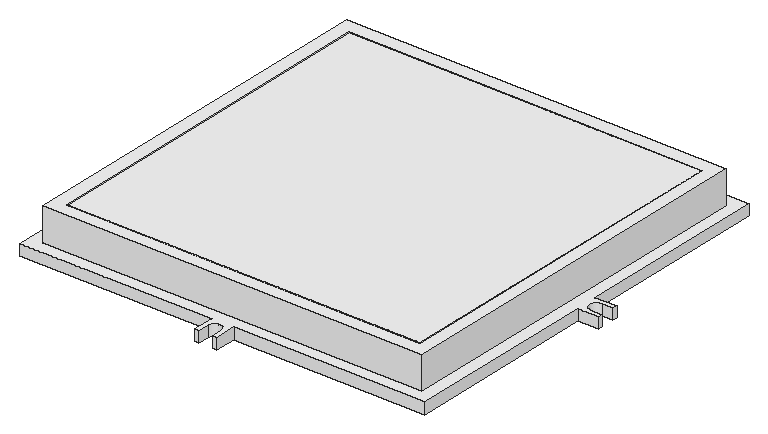
Revit family "Plumbing Fixture-FloorDrain_Mifab_C1400-S", category Plumbing Fixtures, host Face, Revit 2013
Parameters
  WFU = 0
  URL = "WWW.MIFAB.COM"
  Stainer Diameter = 7.000"
  Model = "C1400-S"
  Manufacturer = "MIFAB"
  Floor Drain Material = Paint - Sherwin Williams Paint - #952C2A - Bellwood Red
  Description = "C1400-S  FLOOR DRAIN & C1400-S WOOD DECK FLOOR DRAIN"
  Default Elevation = 0.000"
  Stainer Radius = Stainer Diameter / 2  # 3.500"
Reference planes (in)
  plane 1 "Center (Front/Back)": y = 0
  plane 2: z = 0
  plane 3 "Center (Left/Right)": x = 0
  plane 4: y = -3.5
  plane 5: y = 3.5
  plane 6: x = -3.5
  plane 7: x = 3.5
Forms (in)
  Extrusion 1, solid, material "Paint - Sherwin Williams Paint - #952C2A - Bellwood Red" <- "Floor Drain Material"
    sketch origin (0, 0, 0) x (1, 0, 0) y (0, 1, 0)
      loop
        line (-3.5, 3.5) -> (-3.5, -3.5) -> (3.5, -3.5) -> (3.5, 3.5) -> (-3.5, 3.5)
      loop
        line (-2.83, 2.83) -> (-2.83, -2.83) -> (2.83, -2.83) -> (2.83, 2.83) -> (-2.83, 2.83)
    from 0 to -0.8
  Extrusion 2, void
    sketch origin (0, 0, 0) x (1, 0, 0) y (0, 1, 0)
      loop
        line (-3.25, 3.25) -> (-3.25, -3.25) -> (3.25, -3.25) -> (3.25, 3.25) -> (-3.25, 3.25)
    from 0 to -0.13
  Extrusion 3, void
    sketch origin (0, 0, 0) x (1, 0, 0) y (0, 1, 0)
      loop
        line (-3.35, 3.35) -> (-3.35, -3.35) -> (3.35, -3.35) -> (3.35, 3.35) -> (-3.35, 3.35)
    from -0.3 to -0.8
  Extrusion 4, solid, material "Paint - Sherwin Williams Paint - #952C2A - Bellwood Red" <- "Floor Drain Material"
    sketch origin (0, 0, 0) x (1, 0, 0) y (0, 1, 0)
      loop
        line (-3.25, 3.25) -> (-3.25, -3.25) -> (3.25, -3.25) -> (3.25, 3.25) -> (-3.25, 3.25)
    from 0 to -0.13
  Extrusion 5, solid, material "Paint - Sherwin Williams Paint - #952C2A - Bellwood Red" <- "Floor Drain Material"
    sketch origin (0, 0, 0) x (1, 0, 0) y (0, 1, 0)
      loop
        line (-2.95, 2.95) -> (-2.95, -2.95) -> (2.95, -2.95) -> (2.95, 2.95) -> (-2.95, 2.95)
    from 0 to -0.25
  Extrusion 6, solid, material "Paint - Sherwin Williams Paint - #952C2A - Bellwood Red" <- "Floor Drain Material"
    sketch origin (0, 0, 0) x (1, 0, 0) y (0, 1, 0)
      loop
        line (-3.73, 3.73) -> (-3.73, -3.73) -> (3.73, -3.73) -> (3.73, 3.73) -> (-3.73, 3.73)
    from -0.6 to -0.8
  Extrusion 7, solid, material "Paint - Sherwin Williams Paint - #952C2A - Bellwood Red" <- "Floor Drain Material"
    sketch origin (0, 0, 0) x (1, 0, 0) y (0, 1, 0)
      loop
        line (-0.2, 3.72) -> (0.2, 3.72) -> (0.2, 4.12) -> (0.125, 4.12) -> (0.125, 3.92)
        arc (0.125, 3.92) -> (0, 3.795) -> (-0.125, 3.92) r 0.125
        line (-0.125, 3.92) -> (-0.125, 4.12) -> (-0.2, 4.12) -> (-0.2, 3.72)
      loop
        line (-0.2, -3.72) -> (-0.2, -4.12) -> (-0.125, -4.12) -> (-0.125, -3.92)
        arc (-0.125, -3.92) -> (0, -3.795) -> (0.125, -3.92) r 0.125
        line (0.125, -3.92) -> (0.125, -4.12) -> (0.2, -4.12) -> (0.2, -3.72) -> (-0.2, -3.72)
      loop
        line (-4.12, 0.2) -> (-4.12, 0.125) -> (-3.92, 0.125)
        arc (-3.92, 0.125) -> (-3.795, 0) -> (-3.92, -0.125) r 0.125
        line (-3.92, -0.125) -> (-4.12, -0.125) -> (-4.12, -0.2) -> (-3.72, -0.2) -> (-3.72, 0.2) -> (-4.12, 0.2)
      loop
        line (3.72, 0.2) -> (3.72, -0.2) -> (4.12, -0.2) -> (4.12, -0.125) -> (3.92, -0.125)
        arc (3.92, -0.125) -> (3.795, 0) -> (3.92, 0.125) r 0.125
        line (3.92, 0.125) -> (4.12, 0.125) -> (4.12, 0.2) -> (3.72, 0.2)
    from -0.6 to -0.8
  Extrusion 8, void
    sketch origin (0, 0, 0) x (1, 0, 0) y (0, 1, 0)
      loop
        line (-3.5, 3.5) -> (-3.5, -3.5) -> (3.5, -3.5) -> (3.5, 3.5) -> (-3.5, 3.5)
    from -0.6 to -0.8
Cuts and joins
  Extrusion 2, Extrusion 3, Extrusion 8 cuts Extrusion 1
  Extrusion 8 cuts Extrusion 6
  Extrusion 8 cuts Extrusion 7
  joined: Extrusion 1, Extrusion 6, Extrusion 7
  joined: Extrusion 4, Extrusion 5
Lines and regions (in)
  symbolic lines
    curve 1: circle (0, 0, 0) r 3.5 normal (0, 0, 1)
Dimensions and locks (in)
  equal spacing: plane 5, plane 1 "Center (Front/Back)", plane 4
  locked: Extrusion 1 sketch curve to Extrusion 1 sketch curve at 0.67  (x4)
  locked: Extrusion 2 sketch curve to plane 5 at 0.25
  locked: Extrusion 2 sketch curve to plane 4 at 0.25
  locked: Extrusion 3 sketch curve to plane 5 at 0.15
  locked: Extrusion 3 sketch curve to plane 4 at 0.15
  locked: Extrusion 4 sketch curve to plane 5 at 0.25
  locked: Extrusion 4 sketch curve to plane 4 at 0.25
  locked: Extrusion 5 sketch curve to plane 5 at 0.55
  locked: Extrusion 5 sketch curve to plane 4 at 0.55
  locked: Extrusion 6 sketch curve to plane 5 at 0.23
  locked: plane 4 to Extrusion 6 sketch curve at 0.23
  locked: Extrusion 7 sketch curve to Extrusion 7 sketch curve at 0.4  (x4)
  locked: Extrusion 7 sketch curve to plane 5 at 0.22
  equal spacing: Extrusion 7 sketch curve, plane 3 "Center (Left/Right)", Extrusion 7 sketch curve
  Extrusion 7 sketch curve to Extrusion 7 sketch curve = 0.400"  (x5)
  locked: Extrusion 7 sketch curve to plane 4 at 0.22
  diameter of Extrusion 7 sketch curve = 0.250"  (x4)
  "Stainer Radius": radius of curve 1
  aligned and locked: plane 2 to host face
  aligned and locked: level to host face
  aligned and locked: plane 1 "Center (Front/Back)" to curve 1
  aligned and locked: plane 3 "Center (Left/Right)" to curve 1
  aligned and locked: Extrusion 1 sketch curve to plane 5
  aligned and locked: plane 4 to Extrusion 1 sketch curve
  aligned and locked: Extrusion 8 sketch curve to plane 5
  aligned and locked: plane 4 to Extrusion 8 sketch curve
Automatic sketch dimensions
  host sketch curve to host sketch curve = 96.000"  (x2)
  Extrusion 7 sketch curve to plane 4 = 0.620"
  plane 1 "Center (Front/Back)" to Extrusion 7 sketch curve = 0.000"  (x2)
  Extrusion 7 sketch curve to plane 3 "Center (Left/Right)" = 0.000"  (x2)
  Extrusion 7 sketch curve to Extrusion 7 sketch curve = 0.000"  (x2)
  Extrusion 7 sketch curve to Extrusion 7 sketch curve = 0.200"  (x10)
  Extrusion 7 sketch curve to Extrusion 7 sketch curve = 0.075"  (x2)
  plane 1 "Center (Front/Back)" to Extrusion 7 sketch curve = 0.200"
  plane 3 "Center (Left/Right)" to Extrusion 1 sketch curve = 2.830"
  plane 3 "Center (Left/Right)" to Extrusion 2 sketch curve = 3.250"
  plane 3 "Center (Left/Right)" to Extrusion 3 sketch curve = 3.350"
  plane 3 "Center (Left/Right)" to Extrusion 4 sketch curve = 3.250"
  plane 3 "Center (Left/Right)" to Extrusion 5 sketch curve = 2.950"
  plane 3 "Center (Left/Right)" to Extrusion 7 sketch curve = 3.720"
  Extrusion 1 sketch curve to plane 3 "Center (Left/Right)" = 3.500"
  Extrusion 2 sketch curve to plane 3 "Center (Left/Right)" = 3.250"
  Extrusion 3 sketch curve to plane 3 "Center (Left/Right)" = 3.350"
  Extrusion 4 sketch curve to plane 3 "Center (Left/Right)" = 3.250"
  Extrusion 5 sketch curve to plane 3 "Center (Left/Right)" = 2.950"
  Extrusion 7 sketch curve to plane 3 "Center (Left/Right)" = 4.120"
  Extrusion 6 sketch curve to plane 6 = 0.230"
  Extrusion 6 sketch curve to plane 7 = 0.230"
  Extrusion 8 sketch curve to plane 3 "Center (Left/Right)" = 3.500"
  plane 3 "Center (Left/Right)" to Extrusion 8 sketch curve = 3.500"
  plane 1 "Center (Front/Back)" to curve 1 = 0.000"
  curve 1 to plane 3 "Center (Left/Right)" = 0.000"
